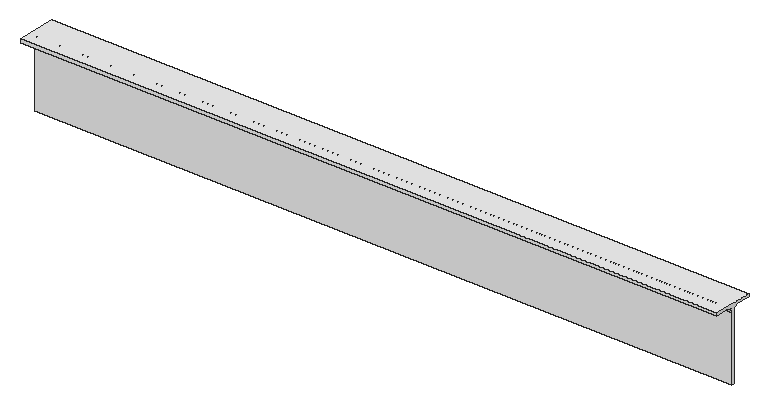
Revit family "M_MT-T estrutural", category Quadro estrutural, Revit 2019
Family settings
  Arredondamento do comprimento do framing estrutural = 0 mm
  Forma do corte = Não definido
  Material para o comportamento do modelo = Aço
  Exportar sempre como geometria = Não
  Número OmniClass = 23.25.30.11.14.14
  Título OmniClass = Beams
  ID de item do Seek = MT-Structural Tee-0000-CAN-ENU
  Sempre na vertical = Sim
  Corte com vazios quando carregada = Não
  Representação simbólica = Das configurações de projeto
  Compartilhado = Não
  Exibir o pré-corte da família na vista da planta = Sim
Parameters (values of type "MT125X6.7")
  W = 0.066
  Structural Material [instance] = Aço, 45-345
  Assembly Code = ""
  Length [instance] = 1524 mm
  bf = 68.3 mm
  d = 127 mm
  k = 14 mm
  kr = k - tf  # 8.8 mm
  tf = 5.2 mm
  tw = 4 mm
  A = 0.001 m²
Types (2, lengths in mm): name | W | bf | d | kr | tf | tw | A
  MT125X6.7 | 0.066 | 68.3 | 127 | 8.8 | 5.2 | 4 | 0.001 m²
  MT155X8.8 | 0.086 | 77.9 | 152 | 8.3 | 5.7 | 4.5 | 0.00111 m²
Reference planes
  plane 1 "Centro (Frente/Trás)": y = 0
  plane 2: z = 0
  plane 3 "Centro (Esquerda/Direita)": x = 4.61
  plane 4 "Membro esquerdo": x = -604.99
  plane 5 "Membro direito": x = 614.21
  plane 6: y = 34.15
  plane 7: y = -34.15
  plane 8 "Superior": z = 63.5
  plane 9: z = -63.5
  plane 10 "Esquerda": x = -757.39
  plane 11 "Direita": x = 766.61
Forms (mm)
  Sweep 1, solid, material "Aço, 45-345" <- "Structural Material", detail levels medium
    path origin (0, 0, 0) x (1, 0, 0) y (0, 1, 0)
      loop
        line (614.21, 0) -> (-604.99, 0)
    profile "M_T estrutural-Perfil-Médio : M_T estrutural-Perfil-Médio" origin (4.61, 0, 0) x (0, -1, 0) y (0, 0, 1)
      loop
        line (-34.15, 63.5) -> (-34.15, 58.3) -> (-2, 58.3) -> (-2, -63.5) -> (2, -63.5) -> (2, 58.3) -> (34.15, 58.3) -> (34.15, 63.5) -> (-34.15, 63.5)
  Sweep 2, solid, material "Aço, 45-345" <- "Structural Material", detail levels fine
    path origin (0, 0, 0) x (1, 0, 0) y (0, 1, 0)
      loop
        line (614.21, 0) -> (-604.99, 0)
    profile "M_T estrutural-Perfil-Alto : M_T estrutural-Perfil-Alto" origin (4.61, 0, 0) x (0, -1, 0) y (0, 0, 1)
      loop
        line (-34.15, 63.5) -> (-34.15, 58.3) -> (-10.8, 58.3)
        arc (-10.8, 58.3) -> (-4.577, 55.723) -> (-2, 49.5) r 8.8
        line (-2, 49.5) -> (-2, -63.5) -> (2, -63.5) -> (2, 49.5)
        arc (2, 49.5) -> (4.577, 55.723) -> (10.8, 58.3) r 8.8
        line (10.8, 58.3) -> (34.15, 58.3) -> (34.15, 63.5) -> (-34.15, 63.5)
Lines and regions (mm)
  symbolic lines, style "Faces ocultas", detail levels medium+fine
    curve 1: line (614.21, -2.5, 0) -> (-604.99, -2.5, 0)
    curve 2: line (614.21, 2.5, 0) -> (-604.99, 2.5, 0)
  symbolic lines, style "Símbolos de vara", detail levels coarse
    curve 3: line (4.61, 34.15, 63.5) -> (4.61, -34.15, 63.5)
    curve 4: line (4.61, 0, 63.5) -> (4.61, 0, -63.5)
Dimensions and locks
  "bf": plane 6 to plane 7
  "d": plane 9 to plane 8 "Superior"
  equal spacing: plane 9, plane 2, plane 8 "Superior"
  equal spacing: plane 6, plane 1 "Centro (Frente/Trás)", plane 7
  "Length": plane 10 "Esquerda" to plane 11 "Direita"
  aligned and locked: Sweep 1 sketch curve to plane 1 "Centro (Frente/Trás)"
  aligned and locked: Sweep 2 sketch curve to plane 1 "Centro (Frente/Trás)"
  aligned and locked: Sweep 2 to curve 3  (x2)
  aligned and locked: curve 4 to Sweep 1
  aligned and locked: curve 3 to Sweep 2
  aligned and locked: plane 4 "Membro esquerdo" to Sweep 2 sketch curve
  aligned and locked: plane 5 "Membro direito" to Sweep 2 sketch curve
  aligned and locked: plane 4 "Membro esquerdo" to Sweep 1 sketch curve
  aligned and locked: plane 5 "Membro direito" to Sweep 1 sketch curve
  aligned and locked: plane 4 "Membro esquerdo" to curve 2
  aligned and locked: plane 4 "Membro esquerdo" to curve 1
  aligned and locked: plane 5 "Membro direito" to curve 1
  aligned and locked: plane 5 "Membro direito" to curve 2
Automatic sketch dimensions
  plane 1 "Centro (Frente/Trás)" to curve 1 = 2.5 mm
  curve 2 to plane 1 "Centro (Frente/Trás)" = 2.5 mm
  curve 4 to plane 1 "Centro (Frente/Trás)" = 0 mm
Types in the file's own list only (10): name | W | bf | d | kr | tf | tw | A
  MT155X8.05 | 0.079 | 78 mm | 152 mm | 9 mm | 5 mm | 4 mm | 0.00 m²
  MT155X7.45 | 0.073 | 83 mm | 152 mm | 9 mm | 5 mm | 4 mm | 0.00 m²
  MT125X5.95 | 0.058 | 68 mm | 126 mm | 9 mm | 5 mm | 4 mm | 0.00 m²
  MT125X5.6 | 0.055 | 68 mm | 127 mm | 10 mm | 4 mm | 3 mm | 0.00 m²
  MT100X4.85 | 0.047 | 58 mm | 102 mm | 9 mm | 5 mm | 3 mm | 0.00 m²
  MT100X4.6 | 0.045 | 58 mm | 102 mm | 10 mm | 5 mm | 3 mm | 0.00 m²
  MT75X3.3 | 0.032 | 47 mm | 76 mm | 10 mm | 4 mm | 3 mm | 0.00 m²
  MT75X2.75 | 0.027 | 51 mm | 75 mm | 11 mm | 3 mm | 3 mm | 0.00 m²
  MT65X14.05 | 0.138 | 127 mm | 64 mm | 3 mm | 11 mm | 8 mm | 0.00 m²
  MT50X4.45 | 0.044 | 97 mm | 48 mm | 10 mm | 4 mm | 3 mm | 0.00 m²
